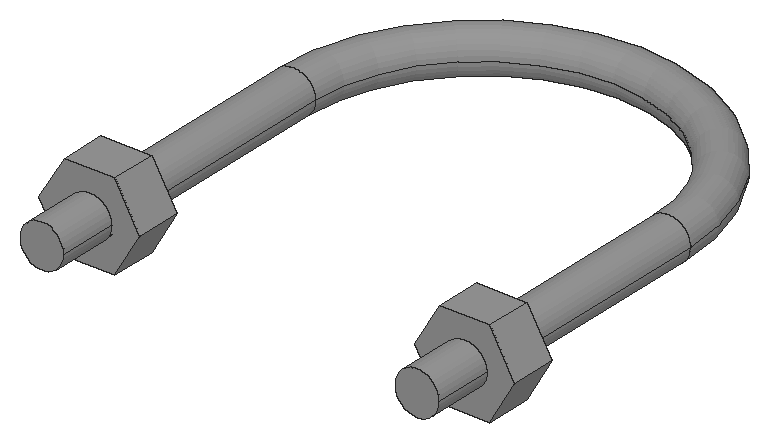
Revit family "BCA-K238(4)", category Site, Revit 2025
Family settings
  Round Connector Dimension = Use Diameter
  Part Type = Normal
  Work Plane-Based = No
  Always vertical = Yes
  Cut with Voids When Loaded = No
  Shared = No
Reference planes (in)
  plane 1 "Center (Front/Back)": y = 0
  plane 2: z = 0
  plane 3 "Center (Left/Right)": x = 0
Forms (in)
  Sweep 1, solid, material "Galvanized"
    path origin (0, 0, 0) x (1, 0, 0) y (0, 1, 0)
      loop
        line (-1.34375, -2.25) -> (-1.34375, 0)
        arc (-1.34375, 0) -> (0, 1.34375) -> (1.34375, 0) r 1.34375
        line (1.34375, 0) -> (1.34375, -2.25)
    profile origin (0, 1.34375, 0) x (0, 1, 0) y (0, 0, 1)
      loop
        circle (0, 0) r 0.15625
  Extrusion 2, solid, material "Galvanized"
    sketch origin (0, 0, 0) x (1, 0, 0) y (0, 0, 1)
      loop
        line (-1.16381, -0.31166) -> (-0.98387, 0) -> (-1.16381, 0.31166) -> (-1.52369, 0.31166) -> (-1.70363, 0) -> (-1.52369, -0.31166) -> (-1.16381, -0.31166)
      loop
        circle (-1.34375, 0) r 0.15625
      loop
        line (1.52369, -0.31166) -> (1.70363, 0) -> (1.52369, 0.31166) -> (1.16381, 0.31166) -> (0.98387, 0) -> (1.16381, -0.31166) -> (1.52369, -0.31166)
      loop
        circle (1.34375, 0) r 0.15625
    from 1.49744 to 1.82569
